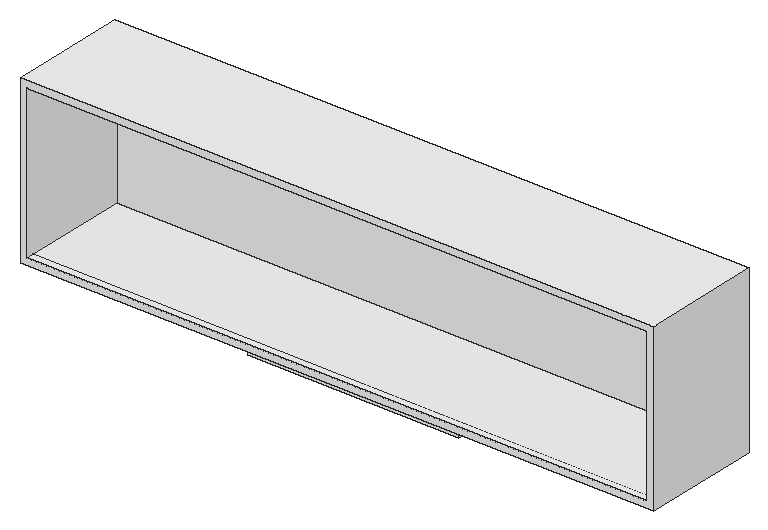
Revit family "6L-W-D", category Lighting Fixtures, host Face, Revit 2014
Parameters (values of type "6L-W-D-02")
  zz YesNo 2 = no
  zz YesNo 1 = yes
  Wattage = 9.2903 W
  Warranty = "5-Years Warranty"  # constant formula
  built-in parameter 1150110 = 1 (stored number, unit not read)
  Voltage = 120 V
  Type Comments = "Lighting Fixture"  # constant formula
  built-in parameter 1114217 = 1 (stored number, unit not read)
  Tilt Angle = 90.00°
  built-in parameter 1150109 = 1 (stored number, unit not read)
  built-in parameter 1150134 = 3
  built-in parameter 1150113 = 1 (stored number, unit not read)
  Product Page URL = "https://www.hubbell.com/litecontrol/en/Products/Lighting-Controls/Commercial-Indoor-Lighting/Wall-Mount/MOD-6L-LED-Wall-Direct/p/277687"
  Product Documentation Link = "https://hubbellcdn.com/specsheet/6L-W-D.pdf"
  Power Factor = 1
  Photometric Web Link = "https://www.hubbell.com/litecontrol/en/Products/Lighting-Controls/Commercial-Indoor-Lighting/Wall-Mount/MOD-6L-LED-Wall-Direct/p/277687#prod-photometry-section"
  Photometric Web File = "6L-W-D-4-BAT-X-CX-35K-D030.ies"
  Photometric Notes = "For more Photometric web files please find the photmetric web link"  # constant formula
  zz Length 1 = 24.000"
  Wattage Comments = ""
  URL = "https://www.hubbell.com/litecontrol/en/"
  Mounting = "Wall-Mount"  # constant formula
  Model = "MOD™ 6L LED Wall Direct"  # constant formula
  Manufacturer = "Litecontrol Lighting"  # constant formula
  built-in parameter 1150105 = 109.82 (stored number, unit not read)
  Lumens = 1380 lm
  built-in parameter 1150115 = 1 (stored number, unit not read)
  Load Classification = Lighting
  built-in parameter 1150137 = (empty or 0)
  built-in parameter 1150139 = (empty or 0)
  built-in parameter 1150112 = 1 (stored number, unit not read)
  built-in parameter 1150114 = 1 (stored number, unit not read)
  Lamp = "LED"  # constant formula
  built-in parameter 1150132 = (empty or 0)
  built-in parameter 1150102 = (empty or 0)
  built-in parameter 1150107 = 3200 (stored number, unit not read)
  built-in parameter 1150138 = (empty or 0)
  built-in parameter 1150106 = 1.0982 (stored number, unit not read)
  Glass = Glass - Hubbell - White
  Fixture Distribution = "Direct"  # constant formula
  Emit from Rectangle Width = zz Length 1  # 24.000"
  Emit from Rectangle Length = 6.000"  # constant formula
  Emit Shape Visible in Rendering = no
  built-in parameter 1150104 = 13.8 (stored number, unit not read)
  Dimming Lamp Color Temperature Shift = <None>
  Diming Protocol = "0-10V, Lutron 2-Wire, Lutron 3-Wire, Lutron Ecosystem Digital, Step-dimming"  # constant formula
  Description = "The MOD™ 6L LED Wall Direct (6L-W-D) is part of the MODx family, which is an affordably-priced, full-featured offering with best-in-class attention to detail."  # constant formula
  Default Elevation = 48.000"
  Copyright = "Copyright © 2020 Litecontrol"  # constant formula
  Contact Us = "https://www.hubbell.com/litecontrol/en/contactUs"
  Housing Material = Paint - Hubbell - Matte White
  Color Filter = 16777215
  built-in parameter 1114218 = 1 (stored number, unit not read)
  built-in parameter 1150133 = 10 (stored number, unit not read)
  Assembly Code = "D5020200"
  Apparent Load = 0 VA
Types (7): name | zz YesNo 2 | zz YesNo 1 | zz Length 1 | Emit from Rectangle Width
  (no name) | no | yes | 24.000" | 24.000"
  6L-W-D-02 | no | yes | 24.000" | 24.000"
  6L-W-D-03 | yes | no | 36.000" | 36.000"
  6L-W-D-04 | yes | no | 48.000" | 48.000"
  6L-W-D-05 | yes | no | 60.000" | 60.000"
  6L-W-D-06 | yes | no | 72.000" | 72.000"
  6L-W-D-08 | yes | no | 96.000" | 96.000"
Reference planes (in)
  plane 1 "Center (Front/Back)": y = 11.51342
  plane 2: z = 0
  plane 3 "Center (Left/Right)": x = 0
  plane 4: y = 13.76342
  plane 5: y = 9.26342
  plane 6: x = 12
  plane 7: x = -12
  plane 8: z = 0.68
  plane 9: z = 6.93
  plane 10: x = 6
  plane 11: x = -6
Forms (in)
  Extrusion 1, solid, material "Paint - Hubbell - Matte White" <- "Housing Material"
    sketch origin (0, 0, 0) x (1, 0, 0) y (0, 1, 0)
      loop
        line (-12, 13.76342) -> (-12, 9.26342) -> (12, 9.26342) -> (12, 13.76342) -> (-12, 13.76342)
    from 0.68 to 6.93
  Extrusion 2, solid, material "Paint - Hubbell - Matte White" <- "Housing Material", visible <- "zz YesNo 1"
    sketch origin (0, 0, 0) x (0, 1, 0) y (0, 0, 1)
      loop
        line (12.77007, 0.68) -> (10.02286, 0.68) -> (10.02286, 0) -> (12.77007, 0) -> (12.77007, 0.68)
    from -4 to 4
  Extrusion 3, void
    sketch origin (0, 11.51342, 0) x (1, 0, 0) y (0, 0, 1)
      loop
        line (-11.75, 6.68) -> (-11.75, 0.93) -> (11.75, 0.93) -> (11.75, 6.68) -> (-11.75, 6.68)
    from -2.25 to 2.25
  Extrusion 4, solid, material "Glass - Hubbell - White" <- "Glass"
    sketch origin (0, 11.51342, 0) x (1, 0, 0) y (0, 0, 1)
      loop
        line (-11.75, 6.68) -> (-11.75, 0.93) -> (11.75, 0.93) -> (11.75, 6.68) -> (-11.75, 6.68)
    from 2 to 2.25
  Extrusion 5, solid, material "Paint - Hubbell - Matte White" <- "Housing Material"
    sketch origin (0, 11.51342, 0) x (1, 0, 0) y (0, 0, -1)
      loop
        line (-11.75, -6.68) -> (11.75, -6.68) -> (11.75, -0.93) -> (-11.75, -0.93) -> (-11.75, -6.68)
    from 2 to 2.25
  Extrusion 6, solid, material "Paint - Hubbell - Matte White" <- "Housing Material", visible <- "zz YesNo 2"
    sketch origin (0, 0, 0) x (1, 0, 0) y (0, 1, 0)
      loop
        line (-6, 10.02286) -> (2, 10.02286) -> (2, 12.77007) -> (-6, 12.77007) -> (-6, 10.02286)
    from 0 to 0.68
  Extrusion 7, solid, material "Paint - Hubbell - Matte White" <- "Housing Material", visible <- "zz YesNo 2"
    sketch origin (0, 0, 0) x (-1, 0, 0) y (0, -1, 0)
      loop
        line (-6, -10.02286) -> (-6, -12.77007) -> (2, -12.77007) -> (2, -10.02286) -> (-6, -10.02286)
    from 0 to 0.68
Cuts and joins
  Extrusion 3 cuts Extrusion 1
Dimensions and locks (in)
  "zz Length 1": plane 7 to plane 6
  plane 5 to plane 4 = 4.500"
  equal spacing: plane 5, plane 1 "Center (Front/Back)", plane 4
  equal spacing: plane 7, plane 3 "Center (Left/Right)", plane 6
  locked: plane 10 to plane 6 at 6
  locked: plane 7 to plane 11 at 6
  locked: Extrusion 6 sketch curve to Extrusion 6 sketch curve at 8
  locked: Extrusion 7 sketch curve to Extrusion 7 sketch curve at 8
  aligned and locked: plane 2 to host face
  aligned and locked: level to host face
  aligned and locked: plane 9 to Extrusion 1
  aligned and locked: Extrusion 1 to plane 8
  aligned and locked: plane 2 to Extrusion 2 sketch curve
  aligned and locked: Extrusion 2 sketch curve to plane 8
  aligned and locked: cut or joined group of Extrusion 1, Extrusion 3 to cut or joined group of Extrusion 1, Extrusion 3
  aligned and locked: plane 5 to Extrusion 4
  aligned and locked: Extrusion 6 sketch curve to plane 11
  aligned and locked: plane 10 to Extrusion 7
  aligned and locked: Extrusion 7 to cut or joined group of Extrusion 1, Extrusion 3
  aligned and locked: Extrusion 6 to cut or joined group of Extrusion 1, Extrusion 3
  aligned and locked: imposter light to cut or joined group of Extrusion 1, Extrusion 3
Automatic sketch dimensions
  host sketch curve to host sketch curve = 96.000"  (x2)
  Extrusion 2 sketch curve to plane 5 = 0.75944"
  plane 4 to Extrusion 2 sketch curve = 0.99335"
  plane 7 to Extrusion 3 sketch curve = 0.250"
  Extrusion 3 sketch curve to plane 6 = 0.250"
  plane 8 to Extrusion 3 sketch curve = 0.250"
  Extrusion 3 sketch curve to plane 9 = 0.250"
  plane 7 to Extrusion 4 sketch curve = 0.250"
  Extrusion 4 sketch curve to plane 6 = 0.250"
  plane 8 to Extrusion 4 sketch curve = 0.250"
  Extrusion 4 sketch curve to plane 9 = 0.250"
  plane 7 to Extrusion 5 sketch curve = 0.250"
  Extrusion 5 sketch curve to plane 6 = 0.250"
  Extrusion 5 sketch curve to plane 9 = 0.250"
  plane 8 to Extrusion 5 sketch curve = 0.250"
  Extrusion 6 sketch curve to plane 5 = 0.75944"
  plane 4 to Extrusion 6 sketch curve = 0.99335"
  Extrusion 7 sketch curve to plane 10 = 0.000"
  plane 5 to Extrusion 7 sketch curve = 0.75944"
  Extrusion 7 sketch curve to plane 4 = 0.99335"
  plane 5 to Extrusion 1 sketch curve = 0.000"
  Extrusion 1 sketch curve to plane 7 = 0.000"
  Extrusion 1 sketch curve to plane 6 = 0.000"
  plane 4 to Extrusion 1 sketch curve = 0.000"
Connectors (in)
  electrical at (0, 13.76342, 3.805), driven by "Voltage", driven by "Apparent Load", driven by "Power Factor"
    settings: on cut or joined group of Extrusion 1, Extrusion 3, index 1, voltage 120 V, apparent load 0 VA, apparent load phase1 0 VA, apparent load phase2 0 VA, apparent load phase3 0 VA, power factor 1, load classification "Other", number of poles 1, system type 30, power factor state 1, is connector primary yes, connector utility no, sub classification motor no, connector description "Lighting Connector"
